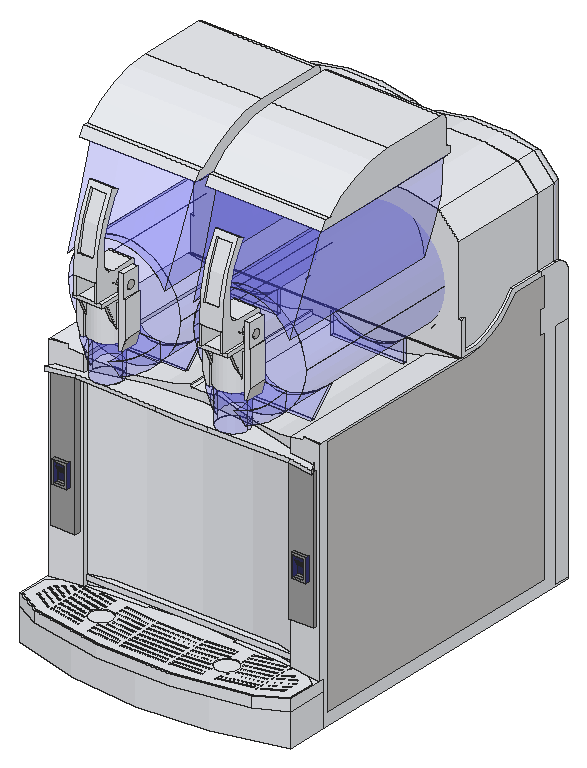
Revit family "QF_ELECTROLUXPROFESSIONAL_560051_NINA2ITNKUK", category Specialty Equipment, Revit 2018 (continued)
Automatic sketch dimensions
  Extrusion 11 sketch curve to Extrusion 11 sketch curve = 1.17 mm  (x2)
  Extrusion 11 sketch curve to Extrusion 11 sketch curve = 2.477 mm  (x2)
  Extrusion 11 sketch curve to Extrusion 11 sketch curve = 5.827 mm  (x2)
  Extrusion 11 sketch curve to Extrusion 11 sketch curve = 20.0 mm
  Extrusion 11 sketch curve to plane 12 = 92.565 mm  (x2)
  plane 8 "RIGHT" to Extrusion 12 sketch curve = 0.0 mm
  Extrusion 12 sketch curve to plane 3 "Center (Left/Right)" = 0.0 mm
  Extrusion 12 sketch curve to plane 7 "LEFT" = 0.0 mm
  plane 8 "RIGHT" to Extrusion 12 sketch curve = 3.0 mm
  plane 8 "RIGHT" to Extrusion 12 sketch curve = 23.451 mm
  plane 3 "Center (Left/Right)" to Extrusion 12 sketch curve = 65.0 mm
  plane 3 "Center (Left/Right)" to Extrusion 12 sketch curve = 13.451 mm
  Extrusion 12 sketch curve to plane 3 "Center (Left/Right)" = 13.451 mm
  Extrusion 12 sketch curve to plane 3 "Center (Left/Right)" = 65.0 mm
  plane 7 "LEFT" to Extrusion 12 sketch curve = 23.451 mm
  plane 7 "LEFT" to Extrusion 12 sketch curve = 3.0 mm
  plane 4 "FEET" to Extrusion 12 sketch curve = 205.938 mm
  Extrusion 12 sketch curve to Extrusion 12 sketch curve = 0.0 mm
  Extrusion 12 sketch curve to Extrusion 12 sketch curve = 35.215 mm
  Extrusion 12 sketch curve to Extrusion 12 sketch curve = 58.594 mm
  Extrusion 12 sketch curve to Extrusion 12 sketch curve = 58.604 mm
  Extrusion 12 sketch curve to Extrusion 12 sketch curve = 71.542 mm
  Extrusion 12 sketch curve to Extrusion 12 sketch curve = 71.552 mm
  Extrusion 12 sketch curve to plane 12 = 99.151 mm
  Extrusion 12 sketch curve to Extrusion 12 sketch curve = 5.164 mm
  Extrusion 12 sketch curve to Extrusion 12 sketch curve = 22.714 mm
  plane 8 "RIGHT" to Sweep 13 sketch curve = 0.0 mm
  Sweep 13 sketch curve to plane 3 "Center (Left/Right)" = 0.0 mm
  Sweep 13 sketch curve to plane 7 "LEFT" = 0.0 mm
  plane 8 "RIGHT" to Sweep 13 sketch curve = 3.0 mm
  plane 8 "RIGHT" to Sweep 13 sketch curve = 23.451 mm
  plane 3 "Center (Left/Right)" to Sweep 13 sketch curve = 65.0 mm
  plane 3 "Center (Left/Right)" to Sweep 13 sketch curve = 13.451 mm
  Sweep 13 sketch curve to plane 3 "Center (Left/Right)" = 13.451 mm
  Sweep 13 sketch curve to plane 3 "Center (Left/Right)" = 65.0 mm
  plane 7 "LEFT" to Sweep 13 sketch curve = 23.451 mm
  plane 7 "LEFT" to Sweep 13 sketch curve = 3.0 mm
  plane 4 "FEET" to Sweep 13 sketch curve = 205.938 mm
  Sweep 13 sketch curve to Sweep 13 sketch curve = 0.0 mm
  Sweep 13 sketch curve to Sweep 13 sketch curve = 93.809 mm
  Sweep 13 sketch curve to Sweep 13 sketch curve = 93.819 mm
  Sweep 13 sketch curve to Sweep 13 sketch curve = 71.552 mm
  Sweep 13 sketch curve to Sweep 13 sketch curve = 71.542 mm
  Sweep 13 sketch curve to plane 12 = 99.151 mm
  Sweep 13 sketch curve to Sweep 13 sketch curve = 5.164 mm  (x2)
  Sweep 13 sketch curve to profile plane = 0.0 mm
  plane 6 "BACK" to Sweep 13 sketch curve = 0.0 mm
  Sweep 13 sketch curve to Sweep 13 sketch curve = 14.0 mm
  plane 8 "RIGHT" to Extrusion 14 sketch curve = 26.817 mm
  Extrusion 14 sketch curve to Extrusion 14 sketch curve = 48.183 mm  (x2)
  plane 3 "Center (Left/Right)" to Extrusion 14 sketch curve = 16.817 mm
  Extrusion 14 sketch curve to plane 3 "Center (Left/Right)" = 16.817 mm
  plane 7 "LEFT" to Extrusion 14 sketch curve = 26.817 mm
  Extrusion 14 sketch curve to plane 12 = 241.012 mm
  Extrusion 14 sketch curve to Extrusion 14 sketch curve = 0.0 mm
  Extrusion 14 sketch curve to Extrusion 14 sketch curve = 18.033 mm  (x2)
  Extrusion 14 sketch curve to Extrusion 14 sketch curve = 90.124 mm  (x2)
  plane 8 "RIGHT" to Extrusion 15 sketch curve = 0.0 mm
  Extrusion 15 sketch curve to plane 7 "LEFT" = 0.0 mm
  plane 3 "Center (Left/Right)" to Extrusion 15 sketch curve = 56.141 mm
  Extrusion 15 sketch curve to plane 3 "Center (Left/Right)" = 56.141 mm
  plane 4 "FEET" to Extrusion 15 sketch curve = 2.0 mm  (x2)
  Extrusion 15 sketch curve to Extrusion 15 sketch curve = 28.419 mm
  Extrusion 15 sketch curve to Extrusion 15 sketch curve = 210.734 mm
  Extrusion 16 sketch curve to plane 9 = 72.46 mm
  Extrusion 16 sketch curve to plane 9 = 69.326 mm
  Extrusion 16 sketch curve to plane 9 = 8.015 mm
  plane 9 to Extrusion 16 sketch curve = 30.0 mm
  Extrusion 16 sketch curve to plane 12 = 225.0 mm
  Extrusion 16 sketch curve to Extrusion 16 sketch curve = 31.747 mm
  plane 9 to Extrusion 17 sketch curve = 30.0 mm
  Extrusion 17 sketch curve to plane 9 = 8.015 mm
  Extrusion 17 sketch curve to plane 9 = 53.679 mm
  Extrusion 17 sketch curve to plane 9 = 69.326 mm
  Extrusion 17 sketch curve to plane 12 = 223.415 mm
  Extrusion 17 sketch curve to Extrusion 17 sketch curve = 30.162 mm
  Extrusion 18 sketch curve to plane 9 = 72.418 mm
  Extrusion 18 sketch curve to plane 9 = 69.326 mm
  Extrusion 18 sketch curve to Extrusion 18 sketch curve = 6.226 mm
  Extrusion 18 sketch curve to Extrusion 18 sketch curve = 14.345 mm
  plane 9 to Extrusion 18 sketch curve = 30.0 mm
  Extrusion 18 sketch curve to plane 12 = 150.078 mm
  Extrusion 18 sketch curve to Extrusion 18 sketch curve = 72.922 mm
  Extrusion 18 sketch curve to Extrusion 18 sketch curve = 5.0 mm
  Extrusion 19 sketch curve to Extrusion 19 sketch curve = 0.0 mm  (x2)
  plane 4 "FEET" to Extrusion 19 sketch curve = 12.0 mm
  plane 9 to Extrusion 19 sketch curve = 30.0 mm
  Extrusion 19 sketch curve to plane 9 = 8.015 mm
  Extrusion 19 sketch curve to plane 9 = 66.192 mm
  Extrusion 19 sketch curve to plane 9 = 69.326 mm
  plane 10 to Extrusion 19 sketch curve = 20.0 mm
  Extrusion 19 sketch curve to plane 12 = 225.0 mm
  Extrusion 19 sketch curve to Extrusion 19 sketch curve = 31.747 mm
  Extrusion 19 sketch curve to Extrusion 19 sketch curve = 14.345 mm
  plane 8 "RIGHT" to Extrusion 20 sketch curve = 0.0 mm
  Extrusion 20 sketch curve to plane 3 "Center (Left/Right)" = 0.0 mm
  Extrusion 20 sketch curve to plane 7 "LEFT" = 0.0 mm
  Extrusion 20 sketch curve to Extrusion 20 sketch curve = 3.0 mm
  plane 8 "RIGHT" to Extrusion 20 sketch curve = 23.451 mm
  plane 3 "Center (Left/Right)" to Extrusion 20 sketch curve = 65.0 mm
  plane 3 "Center (Left/Right)" to Extrusion 20 sketch curve = 13.451 mm
  Extrusion 20 sketch curve to plane 3 "Center (Left/Right)" = 13.451 mm
  Extrusion 20 sketch curve to plane 3 "Center (Left/Right)" = 65.0 mm
  plane 7 "LEFT" to Extrusion 20 sketch curve = 23.451 mm
  plane 7 "LEFT" to Extrusion 20 sketch curve = 3.0 mm
  plane 4 "FEET" to Extrusion 20 sketch curve = 205.938 mm
  Extrusion 20 sketch curve to Extrusion 20 sketch curve = 0.0 mm
  Extrusion 20 sketch curve to Extrusion 20 sketch curve = 59.062 mm
  Extrusion 20 sketch curve to Extrusion 20 sketch curve = 34.747 mm
  Extrusion 20 sketch curve to Extrusion 20 sketch curve = 34.757 mm
  Extrusion 20 sketch curve to Extrusion 20 sketch curve = 71.542 mm
  Extrusion 20 sketch curve to Extrusion 20 sketch curve = 71.552 mm
  Extrusion 20 sketch curve to plane 12 = 108.927 mm
  Extrusion 20 sketch curve to Extrusion 20 sketch curve = 22.714 mm  (x2)
  plane 10 to Extrusion 21 sketch curve = 4.147 mm
  Extrusion 21 sketch curve to Extrusion 21 sketch curve = 3.308 mm
  Extrusion 21 sketch curve to Extrusion 21 sketch curve = 0.157 mm
  Extrusion 21 sketch curve to Extrusion 21 sketch curve = 2.546 mm
  plane 4 "FEET" to Extrusion 21 sketch curve = 140.394 mm
  Extrusion 21 sketch curve to Extrusion 21 sketch curve = 7.648 mm
  Extrusion 21 sketch curve to Extrusion 21 sketch curve = 2.987 mm
  Extrusion 21 sketch curve to Extrusion 21 sketch curve = 3.069 mm
  plane 8 "RIGHT" to Extrusion 23 sketch curve = 33.046 mm
  plane 7 "LEFT" to Extrusion 23 sketch curve = 33.046 mm
  plane 4 "FEET" to Extrusion 23 sketch curve = 50.037 mm
  Extrusion 23 sketch curve to Extrusion 23 sketch curve = 5.468 mm
  Extrusion 25 sketch curve to Extrusion 25 sketch curve = 0.0 mm  (x8237)
  Extrusion 25 sketch curve to plane 3 "Center (Left/Right)" = 0.0 mm  (x2)
  Extrusion 25 sketch curve to plane 3 "Center (Left/Right)" = 23.123 mm  (x2)
  Extrusion 25 sketch curve to plane 10 = 2.831 mm
  Extrusion 25 sketch curve to Extrusion 25 sketch curve = 3.819 mm  (x18)
  Extrusion 25 sketch curve to plane 10 = 0.587 mm  (x2)
  Extrusion 25 sketch curve to Extrusion 25 sketch curve = 18.011 mm  (x2)
  Extrusion 25 sketch curve to Extrusion 25 sketch curve = 24.069 mm  (x2)
  Extrusion 25 sketch curve to Extrusion 25 sketch curve = 1.988 mm  (x2)
  Extrusion 25 sketch curve to Extrusion 25 sketch curve = 5.672 mm  (x2)
  Extrusion 25 sketch curve to plane 10 = 5.236 mm
  Extrusion 25 sketch curve to Extrusion 25 sketch curve = 7.661 mm
  plane 10 to Extrusion 25 sketch curve = 0.828 mm
  Extrusion 25 sketch curve to Extrusion 25 sketch curve = 6.328 mm  (x2)
  Extrusion 25 sketch curve to Extrusion 25 sketch curve = 12.655 mm  (x4)
  Extrusion 25 sketch curve to plane 10 = 1.151 mm  (x2)
  Extrusion 25 sketch curve to Extrusion 25 sketch curve = 2.84 mm  (x2)
  Extrusion 25 sketch curve to Extrusion 25 sketch curve = 3.896 mm  (x2)
  Extrusion 25 sketch curve to Extrusion 25 sketch curve = 3.69 mm  (x2)
  Extrusion 25 sketch curve to Extrusion 25 sketch curve = 2.634 mm  (x2)
  Extrusion 25 sketch curve to Extrusion 25 sketch curve = 17.479 mm  (x2)
  Extrusion 25 sketch curve to Extrusion 25 sketch curve = 15.901 mm  (x2)
  Extrusion 25 sketch curve to Extrusion 25 sketch curve = 26.85 mm
  Extrusion 25 sketch curve to plane 10 = 1.967 mm
  Extrusion 25 sketch curve to plane 10 = 1.645 mm  (x2)
  Extrusion 25 sketch curve to Extrusion 25 sketch curve = 2.653 mm  (x14)
  plane 10 to Extrusion 25 sketch curve = 2.928 mm  (x2)
  Extrusion 25 sketch curve to plane 10 = 8.505 mm
  plane 10 to Extrusion 25 sketch curve = 12.867 mm  (x2)
  Extrusion 25 sketch curve to Extrusion 25 sketch curve = 1.429 mm  (x2)
  plane 10 to Extrusion 25 sketch curve = 11.52 mm  (x2)
  Extrusion 25 sketch curve to Extrusion 25 sketch curve = 1.695 mm  (x8)
  plane 5 "FRONT" to Extrusion 25 sketch curve = 16.02 mm  (x2)
  Extrusion 25 sketch curve to Extrusion 25 sketch curve = 4.196 mm
  plane 10 to Extrusion 25 sketch curve = 8.825 mm  (x2)
  Extrusion 25 sketch curve to Extrusion 25 sketch curve = 3.389 mm  (x6)
  plane 10 to Extrusion 25 sketch curve = 7.478 mm  (x2)
  plane 10 to Extrusion 25 sketch curve = 4.783 mm  (x2)
  plane 10 to Extrusion 25 sketch curve = 3.436 mm  (x2)
  Extrusion 25 sketch curve to Extrusion 25 sketch curve = 7.773 mm  (x2)
  plane 10 to Extrusion 25 sketch curve = 0.741 mm  (x2)
  Extrusion 25 sketch curve to plane 10 = 0.606 mm  (x2)
  Extrusion 25 sketch curve to Extrusion 25 sketch curve = 2.264 mm  (x2)
  plane 7 "LEFT" to Extrusion 25 sketch curve = 2.0 mm
  Extrusion 25 sketch curve to plane 10 = 8.841 mm
  plane 3 "Center (Left/Right)" to Extrusion 25 sketch curve = 23.123 mm
  plane 10 to Extrusion 25 sketch curve = 5.183 mm
  Extrusion 25 sketch curve to plane 10 = 0.827 mm
  plane 10 to Extrusion 25 sketch curve = 8.918 mm
  Extrusion 25 sketch curve to Extrusion 25 sketch curve = 13.718 mm
  plane 10 to Extrusion 25 sketch curve = 2.85 mm
  plane 10 to Extrusion 25 sketch curve = 2.914 mm  (x2)
  Extrusion 25 sketch curve to plane 10 = 3.183 mm
  plane 10 to Extrusion 25 sketch curve = 0.101 mm
  Extrusion 25 sketch curve to plane 10 = 10.792 mm
  plane 8 "RIGHT" to Extrusion 25 sketch curve = 12.0 mm
  plane 8 "RIGHT" to Extrusion 25 sketch curve = 2.0 mm
  plane 5 "FRONT" to Extrusion 25 sketch curve = 15.922 mm  (x2)
  Extrusion 25 sketch curve to Extrusion 25 sketch curve = 2.004 mm  (x14)
  Extrusion 25 sketch curve to Extrusion 25 sketch curve = 0.218 mm
  Extrusion 25 sketch curve to Extrusion 25 sketch curve = 2.003 mm  (x8)
  Extrusion 25 sketch curve to plane 5 "FRONT" = 230.366 mm
  Extrusion 25 sketch curve to Extrusion 25 sketch curve = 3.004 mm
  Extrusion 25 sketch curve to Extrusion 25 sketch curve = 0.131 mm  (x2)
  Extrusion 25 sketch curve to Extrusion 25 sketch curve = 3.006 mm  (x2)
  Extrusion 25 sketch curve to Extrusion 25 sketch curve = 2.027 mm  (x4)
  Extrusion 25 sketch curve to Extrusion 25 sketch curve = 3.041 mm  (x2)
  Extrusion 25 sketch curve to Extrusion 25 sketch curve = 4.006 mm  (x4)
  Extrusion 25 sketch curve to Extrusion 25 sketch curve = 0.223 mm  (x2)
  Extrusion 25 sketch curve to Extrusion 25 sketch curve = 0.512 mm  (x2)
  Extrusion 25 sketch curve to Extrusion 25 sketch curve = 2.287 mm  (x17)
  Extrusion 25 sketch curve to Extrusion 25 sketch curve = 4.543 mm  (x2)
  Extrusion 25 sketch curve to Extrusion 25 sketch curve = 0.226 mm  (x2)
  Extrusion 25 sketch curve to plane 10 = 25.822 mm  (x2)
  Extrusion 25 sketch curve to Extrusion 25 sketch curve = 2.031 mm  (x2)
  Extrusion 25 sketch curve to Extrusion 25 sketch curve = 0.162 mm  (x2)
  Extrusion 25 sketch curve to Extrusion 25 sketch curve = 0.229 mm  (x2)
  Extrusion 25 sketch curve to Extrusion 25 sketch curve = 4.735 mm  (x2)
  Extrusion 25 sketch curve to Extrusion 25 sketch curve = 5.89 mm  (x2)
  Extrusion 25 sketch curve to Extrusion 25 sketch curve = 2.035 mm  (x2)
  Extrusion 25 sketch curve to Extrusion 25 sketch curve = 0.837 mm  (x2)
  Extrusion 25 sketch curve to Extrusion 25 sketch curve = 10.71 mm
  Extrusion 25 sketch curve to Extrusion 25 sketch curve = 9.076 mm
  Extrusion 25 sketch curve to Extrusion 25 sketch curve = 0.233 mm  (x2)
  Extrusion 25 sketch curve to Extrusion 25 sketch curve = 4.071 mm  (x2)
  Extrusion 25 sketch curve to Extrusion 25 sketch curve = 4.573 mm  (x4)
  Extrusion 25 sketch curve to Extrusion 25 sketch curve = 2.036 mm  (x2)
  Extrusion 25 sketch curve to Extrusion 25 sketch curve = 0.236 mm
  Extrusion 25 sketch curve to Extrusion 25 sketch curve = 2.034 mm  (x4)
  Extrusion 25 sketch curve to Extrusion 25 sketch curve = 1.965 mm
  Extrusion 25 sketch curve to Extrusion 25 sketch curve = 2.032 mm
  Extrusion 25 sketch curve to Extrusion 25 sketch curve = 2.005 mm  (x3)
  plane 10 to Extrusion 25 sketch curve = 2.419 mm  (x2)
  plane 10 to Extrusion 25 sketch curve = 3.423 mm
  Extrusion 25 sketch curve to Extrusion 25 sketch curve = 2.033 mm  (x2)
  Extrusion 25 sketch curve to Extrusion 25 sketch curve = 4.067 mm  (x2)
  Extrusion 25 sketch curve to Extrusion 25 sketch curve = 0.665 mm  (x2)
  Extrusion 25 sketch curve to Extrusion 25 sketch curve = 0.792 mm  (x2)
  Extrusion 25 sketch curve to Extrusion 25 sketch curve = 6.595 mm  (x2)
  Extrusion 25 sketch curve to Extrusion 25 sketch curve = 8.988 mm
  Extrusion 25 sketch curve to Extrusion 25 sketch curve = 9.498 mm
  Extrusion 25 sketch curve to Extrusion 25 sketch curve = 2.536 mm
  Extrusion 26 sketch curve to plane 6 "BACK" = 0.0 mm
  plane 7 "LEFT" to Extrusion 26 sketch curve = 30.0 mm
  Extrusion 26 sketch curve to plane 3 "Center (Left/Right)" = 25.251 mm
  plane 3 "Center (Left/Right)" to Extrusion 26 sketch curve = 25.251 mm
  plane 8 "RIGHT" to Extrusion 26 sketch curve = 30.0 mm
  Extrusion 26 sketch curve to plane 6 "BACK" = 24.749 mm  (x2)
  Extrusion 26 sketch curve to Extrusion 26 sketch curve = 10.251 mm
  Extrusion 27 sketch curve to plane 3 "Center (Left/Right)" = 0.0 mm
  plane 4 "FEET" to Extrusion 27 sketch curve = 15.877 mm
  Extrusion 28 sketch curve to plane 7 "LEFT" = 4.096 mm
  Extrusion 28 sketch curve to Extrusion 28 sketch curve = 25.0 mm
  Extrusion 28 sketch curve to plane 4 "FEET" = 94.631 mm
  Extrusion 28 sketch curve to Extrusion 28 sketch curve = 145.0 mm
  Split face 1 sketch curve to Extrusion 28 = 6.447 mm
  Split face 1 sketch curve to Split face 1 sketch curve = 3.978 mm  (x5)
  Split face 1 sketch curve to Split face 1 sketch curve = 0.0 mm  (x2)
  Split face 1 sketch curve to Split face 1 sketch curve = 2.532 mm  (x3)
  Split face 1 sketch curve to Extrusion 28 = 22.468 mm
  Split face 2 sketch curve to Extrusion 28 = 6.447 mm
  Split face 2 sketch curve to Extrusion 28 = 8.065 mm
  Split face 2 sketch curve to Extrusion 28 = 30.309 mm
  Split face 2 sketch curve to Split face 2 sketch curve = 2.532 mm
  Split face 3 sketch curve to Extrusion 28 = 8.617 mm
  Split face 3 sketch curve to Split face 3 sketch curve = 5.967 mm
  Split face 3 sketch curve to Extrusion 28 = 29.43 mm
  Split face 3 sketch curve to Split face 3 sketch curve = 2.441 mm
  Split face 4 sketch curve to Extrusion 28 = 8.617 mm
  Split face 4 sketch curve to Split face 4 sketch curve = 5.967 mm
  Split face 4 sketch curve to Extrusion 28 = 32.956 mm
  Split face 4 sketch curve to Split face 4 sketch curve = 2.441 mm
  Split face 5 sketch curve to Extrusion 28 = 8.617 mm
  Split face 5 sketch curve to Split face 5 sketch curve = 5.967 mm
  Split face 5 sketch curve to Extrusion 28 = 36.392 mm
  Split face 5 sketch curve to Split face 5 sketch curve = 2.441 mm
  Split face 6 sketch curve to Extrusion 28 = 8.617 mm
  Split face 6 sketch curve to Split face 6 sketch curve = 5.967 mm
  Split face 6 sketch curve to Extrusion 28 = 39.918 mm
  Split face 6 sketch curve to Split face 6 sketch curve = 2.441 mm
  Split face 7 sketch curve to Extrusion 28 = 8.617 mm
  Split face 7 sketch curve to Split face 7 sketch curve = 5.967 mm
  Split face 7 sketch curve to Extrusion 28 = 43.43 mm
  Split face 7 sketch curve to Split face 7 sketch curve = 2.441 mm
  Split face 8 sketch curve to Extrusion 28 = 8.617 mm
  Split face 8 sketch curve to Split face 8 sketch curve = 5.967 mm
  Split face 8 sketch curve to Extrusion 28 = 46.956 mm
  Split face 8 sketch curve to Split face 8 sketch curve = 2.441 mm
  Split face 9 sketch curve to Extrusion 28 = 8.617 mm
  Split face 9 sketch curve to Split face 9 sketch curve = 5.967 mm
  Split face 9 sketch curve to Extrusion 28 = 50.392 mm
  Split face 9 sketch curve to Split face 9 sketch curve = 2.441 mm
  Split face 10 sketch curve to Extrusion 28 = 8.617 mm
  Split face 10 sketch curve to Split face 10 sketch curve = 5.967 mm
  Split face 10 sketch curve to Extrusion 28 = 53.918 mm
  Split face 10 sketch curve to Split face 10 sketch curve = 2.441 mm
  Extrusion 29 sketch curve to plane 7 "LEFT" = 8.743 mm
  Extrusion 29 sketch curve to Extrusion 29 sketch curve = 2.0 mm  (x4)
  Extrusion 29 sketch curve to Extrusion 29 sketch curve = 11.0 mm
  Extrusion 29 sketch curve to plane 4 "FEET" = 136.212 mm
  Extrusion 29 sketch curve to Extrusion 29 sketch curve = 19.822 mm
  plane 10 to Extrusion 30 sketch curve = 4.147 mm
  Extrusion 30 sketch curve to Extrusion 30 sketch curve = 3.308 mm
  Extrusion 30 sketch curve to Extrusion 30 sketch curve = 0.157 mm
  Extrusion 30 sketch curve to Extrusion 30 sketch curve = 2.546 mm
  plane 4 "FEET" to Extrusion 30 sketch curve = 154.994 mm
  Extrusion 30 sketch curve to Extrusion 30 sketch curve = 0.896 mm
  Extrusion 30 sketch curve to Extrusion 30 sketch curve = 2.987 mm
  Extrusion 30 sketch curve to Extrusion 30 sketch curve = 7.648 mm
  plane 8 "RIGHT" to Extrusion 31 sketch curve = 4.096 mm
  Extrusion 31 sketch curve to Extrusion 31 sketch curve = 25.0 mm
  plane 4 "FEET" to Extrusion 31 sketch curve = 94.631 mm
  Extrusion 31 sketch curve to Extrusion 31 sketch curve = 145.0 mm
  Split face 11 sketch curve to Extrusion 31 = 6.447 mm
  Split face 11 sketch curve to Split face 11 sketch curve = 3.978 mm  (x5)
  Split face 11 sketch curve to Split face 11 sketch curve = 0.0 mm  (x2)
  Split face 11 sketch curve to Split face 11 sketch curve = 2.532 mm  (x3)
  Split face 11 sketch curve to Extrusion 31 = 22.468 mm
  Split face 12 sketch curve to Extrusion 31 = 6.447 mm
  Split face 12 sketch curve to Extrusion 31 = 8.065 mm
  Split face 12 sketch curve to Extrusion 31 = 30.309 mm
  Split face 12 sketch curve to Split face 12 sketch curve = 2.532 mm
  Split face 13 sketch curve to Extrusion 31 = 8.617 mm
  Split face 13 sketch curve to Split face 13 sketch curve = 5.967 mm
  Split face 13 sketch curve to Extrusion 31 = 29.43 mm
  Split face 13 sketch curve to Split face 13 sketch curve = 2.441 mm
  Split face 14 sketch curve to Extrusion 31 = 8.617 mm
  Split face 14 sketch curve to Split face 14 sketch curve = 5.967 mm
  Split face 14 sketch curve to Extrusion 31 = 32.956 mm
  Split face 14 sketch curve to Split face 14 sketch curve = 2.441 mm
  Split face 15 sketch curve to Extrusion 31 = 8.617 mm
  Split face 15 sketch curve to Split face 15 sketch curve = 5.967 mm
  Split face 15 sketch curve to Extrusion 31 = 36.392 mm
  Split face 15 sketch curve to Split face 15 sketch curve = 2.441 mm
  Split face 16 sketch curve to Extrusion 31 = 8.617 mm
  Split face 16 sketch curve to Split face 16 sketch curve = 5.967 mm
  Split face 16 sketch curve to Extrusion 31 = 39.918 mm
  Split face 16 sketch curve to Split face 16 sketch curve = 2.441 mm
  Split face 17 sketch curve to Extrusion 31 = 8.617 mm
  Split face 17 sketch curve to Split face 17 sketch curve = 5.967 mm
  Split face 17 sketch curve to Extrusion 31 = 43.43 mm
  Split face 17 sketch curve to Split face 17 sketch curve = 2.441 mm
  Split face 18 sketch curve to Extrusion 31 = 8.617 mm
  Split face 18 sketch curve to Split face 18 sketch curve = 5.967 mm
  Split face 18 sketch curve to Extrusion 31 = 46.956 mm
  Split face 18 sketch curve to Split face 18 sketch curve = 2.441 mm
  Split face 19 sketch curve to Extrusion 31 = 8.617 mm
  Split face 19 sketch curve to Split face 19 sketch curve = 5.967 mm
  Split face 19 sketch curve to Extrusion 31 = 50.392 mm
  Split face 19 sketch curve to Split face 19 sketch curve = 2.441 mm
  Split face 20 sketch curve to Extrusion 31 = 8.617 mm
  Split face 20 sketch curve to Split face 20 sketch curve = 5.967 mm
  Split face 20 sketch curve to Extrusion 31 = 53.918 mm
  Split face 20 sketch curve to Split face 20 sketch curve = 2.441 mm
  plane 8 "RIGHT" to Extrusion 32 sketch curve = 8.743 mm
  Extrusion 32 sketch curve to Extrusion 32 sketch curve = 2.0 mm  (x4)
  Extrusion 32 sketch curve to Extrusion 32 sketch curve = 11.0 mm
  plane 4 "FEET" to Extrusion 32 sketch curve = 136.212 mm
  Extrusion 32 sketch curve to Extrusion 32 sketch curve = 19.822 mm
  Extrusion 33 sketch curve to Extrusion 33 sketch curve = 0.0 mm  (x2)
  plane 4 "FEET" to Extrusion 33 sketch curve = 12.0 mm
  plane 9 to Extrusion 33 sketch curve = 30.0 mm
  Extrusion 33 sketch curve to plane 9 = 4.783 mm
  Extrusion 33 sketch curve to plane 9 = 66.192 mm
  Extrusion 33 sketch curve to plane 9 = 69.326 mm
  plane 10 to Extrusion 33 sketch curve = 20.0 mm
  Extrusion 33 sketch curve to plane 12 = 225.0 mm
  Extrusion 33 sketch curve to Extrusion 33 sketch curve = 36.747 mm
  Extrusion 33 sketch curve to Extrusion 33 sketch curve = 14.345 mm
  Extrusion 34 sketch curve to plane 9 = 8.356 mm
  Extrusion 34 sketch curve to plane 9 = 69.326 mm
  Extrusion 34 sketch curve to Extrusion 34 sketch curve = 3.092 mm
  Extrusion 34 sketch curve to plane 12 = 219.997 mm
  Extrusion 34 sketch curve to Extrusion 34 sketch curve = 35.554 mm
  plane 4 "FEET" to Extrusion 35 sketch curve = 12.0 mm
  plane 9 to Extrusion 35 sketch curve = 30.0 mm
  Extrusion 35 sketch curve to plane 9 = 51.847 mm
  Extrusion 35 sketch curve to Extrusion 35 sketch curve = 14.345 mm
  Extrusion 35 sketch curve to plane 9 = 69.326 mm
  plane 10 to Extrusion 35 sketch curve = 20.0 mm
  Extrusion 35 sketch curve to plane 12 = 225.0 mm
  Extrusion 35 sketch curve to Extrusion 35 sketch curve = 2.0 mm
  Extrusion 36 sketch curve to plane 9 = 8.356 mm
  Extrusion 36 sketch curve to plane 9 = 69.326 mm
  Extrusion 36 sketch curve to Extrusion 36 sketch curve = 3.092 mm
  Extrusion 36 sketch curve to plane 12 = 150.078 mm
  Extrusion 36 sketch curve to Extrusion 36 sketch curve = 34.365 mm
  Extrusion 37 sketch curve to plane 9 = 69.326 mm
  Extrusion 37 sketch curve to plane 9 = 51.847 mm
  Extrusion 37 sketch curve to plane 9 = 8.015 mm
  plane 9 to Extrusion 37 sketch curve = 30.0 mm
  Extrusion 37 sketch curve to plane 12 = 223.0 mm
  Extrusion 37 sketch curve to Extrusion 37 sketch curve = 29.747 mm
  plane 10 to Extrusion 38 sketch curve = 20.0 mm
  Extrusion 38 sketch curve to plane 9 = 69.326 mm
  Extrusion 38 sketch curve to plane 9 = 66.192 mm
  Extrusion 38 sketch curve to plane 9 = 8.015 mm
  plane 9 to Extrusion 38 sketch curve = 30.0 mm
  plane 4 "FEET" to Extrusion 38 sketch curve = 12.0 mm
  Extrusion 38 sketch curve to plane 12 = 225.0 mm
  Extrusion 38 sketch curve to Extrusion 38 sketch curve = 31.747 mm
  Extrusion 39 sketch curve to plane 3 "Center (Left/Right)" = 0.0 mm  (x2)
  plane 10 to Extrusion 39 sketch curve = 5.427 mm  (x2)
  Extrusion 39 sketch curve to plane 3 "Center (Left/Right)" = 26.943 mm
  plane 7 "LEFT" to Extrusion 39 sketch curve = 33.046 mm
  plane 10 to Extrusion 39 sketch curve = 7.5 mm  (x2)
  Extrusion 39 sketch curve to Extrusion 39 sketch curve = 3.95 mm  (x2)
  plane 7 "LEFT" to Extrusion 39 sketch curve = 10.082 mm
  plane 7 "LEFT" to Extrusion 39 sketch curve = 2.0 mm
  plane 8 "RIGHT" to Extrusion 39 sketch curve = 33.046 mm
  plane 8 "RIGHT" to Extrusion 39 sketch curve = 10.082 mm
  plane 8 "RIGHT" to Extrusion 39 sketch curve = 2.0 mm
  plane 10 to Extrusion 39 sketch curve = 2.419 mm  (x2)
  Extrusion 39 sketch curve to plane 5 "FRONT" = 230.366 mm
  Extrusion 39 sketch curve to Extrusion 39 sketch curve = 13.998 mm  (x2)
  Extrusion 39 sketch curve to Extrusion 39 sketch curve = 12.144 mm  (x2)
  Extrusion 39 sketch curve to Extrusion 39 sketch curve = 3.029 mm
  Extrusion 39 sketch curve to plane 9 = 15.14 mm
  Extrusion 40 sketch curve to plane 7 "LEFT" = 0.0 mm
  Extrusion 40 sketch curve to plane 3 "Center (Left/Right)" = 0.0 mm  (x2)
  Extrusion 40 sketch curve to plane 8 "RIGHT" = 0.0 mm
  plane 5 "FRONT" to Extrusion 40 sketch curve = 14.146 mm  (x2)
  plane 7 "LEFT" to Extrusion 40 sketch curve = 27.699 mm
  plane 7 "LEFT" to Extrusion 40 sketch curve = 33.046 mm
  plane 8 "RIGHT" to Extrusion 40 sketch curve = 33.046 mm
  Extrusion 40 sketch curve to plane 5 "FRONT" = 230.366 mm
  Extrusion 40 sketch curve to plane 10 = 27.0 mm  (x2)
  plane 10 to Extrusion 40 sketch curve = 15.0 mm  (x2)
  plane 10 to Extrusion 40 sketch curve = 19.644 mm  (x2)
  Extrusion 40 sketch curve to Extrusion 40 sketch curve = 3.029 mm
  plane 6 "BACK" to Extrusion 40 sketch curve = 65.331 mm
  Extrusion 24 sketch curve to plane 3 "Center (Left/Right)" = 0.0 mm  (x2)
  plane 7 "LEFT" to Extrusion 24 sketch curve = 35.046 mm
  plane 7 "LEFT" to Extrusion 24 sketch curve = 30.675 mm
  plane 8 "RIGHT" to Extrusion 24 sketch curve = 35.046 mm
  plane 8 "RIGHT" to Extrusion 24 sketch curve = 30.675 mm
  Extrusion 24 sketch curve to plane 5 "FRONT" = 230.366 mm
  plane 5 "FRONT" to Extrusion 24 sketch curve = 21.644 mm
  plane 10 to Extrusion 24 sketch curve = 13.261 mm  (x2)
  plane 10 to Extrusion 24 sketch curve = 17.906 mm  (x2)
  Extrusion 24 sketch curve to Extrusion 24 sketch curve = 3.046 mm
  plane 6 "BACK" to Extrusion 24 sketch curve = 65.331 mm
  plane 8 "RIGHT" to Extrusion 24 sketch curve = 2.0 mm
  Extrusion 24 sketch curve to plane 10 = 18.962 mm  (x2)
  plane 7 "LEFT" to Extrusion 24 sketch curve = 2.0 mm
  Extrusion 22 sketch curve to plane 7 "LEFT" = 0.0 mm
  Extrusion 22 sketch curve to plane 3 "Center (Left/Right)" = 0.0 mm  (x2)
  Extrusion 22 sketch curve to plane 8 "RIGHT" = 0.0 mm
  plane 7 "LEFT" to Extrusion 22 sketch curve = 33.046 mm
  plane 8 "RIGHT" to Extrusion 22 sketch curve = 33.046 mm
  Extrusion 22 sketch curve to plane 5 "FRONT" = 230.366 mm
  plane 10 to Extrusion 22 sketch curve = 15.0 mm  (x2)
  plane 10 to Extrusion 22 sketch curve = 19.644 mm  (x2)
  Extrusion 22 sketch curve to Extrusion 22 sketch curve = 3.029 mm
  plane 6 "BACK" to Extrusion 22 sketch curve = 24.565 mm
  Extrusion 22 sketch curve to plane 10 = 27.0 mm
  curve 16 to curve 17 = 0.0 mm  (x2)
  curve 16 to curve 24 = 0.0 mm  (x2)
  curve 16 to curve 25 = 0.0 mm  (x2)
  curve 16 to curve 26 = 0.0 mm  (x2)
  curve 16 to curve 27 = 0.0 mm  (x2)
  curve 16 to curve 28 = 0.0 mm  (x2)
  curve 16 to curve 29 = 0.0 mm  (x2)
  curve 16 to curve 30 = 0.0 mm  (x2)
  curve 16 to curve 31 = 0.0 mm  (x2)
  curve 16 to curve 32 = 0.0 mm  (x2)
  curve 16 to curve 33 = 0.0 mm  (x2)
  curve 16 to curve 34 = 0.0 mm  (x2)
  curve 16 to curve 35 = 0.0 mm  (x2)
  curve 16 to curve 36 = 0.0 mm  (x2)
  curve 16 to curve 37 = 0.0 mm  (x2)
  curve 16 to curve 38 = 0.0 mm  (x2)
  curve 16 to curve 39 = 0.0 mm  (x2)
  curve 16 to curve 40 = 0.0 mm  (x2)
  curve 16 to curve 41 = 0.0 mm  (x2)
  curve 16 to curve 58 = 0.0 mm  (x2)
  curve 16 to curve 59 = 0.0 mm  (x2)
  curve 16 to curve 60 = 0.0 mm  (x2)
  curve 16 to curve 61 = 0.0 mm  (x2)
  curve 16 to curve 62 = 0.0 mm  (x2)
  curve 16 to curve 63 = 0.0 mm  (x2)
  curve 16 to curve 64 = 0.0 mm  (x2)
  curve 16 to curve 65 = 0.0 mm  (x2)
  curve 16 to curve 66 = 0.0 mm  (x2)
  curve 16 to curve 67 = 0.0 mm  (x2)
  curve 16 to curve 68 = 0.0 mm  (x2)
  curve 16 to curve 69 = 0.0 mm  (x2)
  curve 16 to curve 70 = 0.0 mm  (x2)
  curve 16 to curve 71 = 0.0 mm  (x2)
  curve 16 to curve 72 = 0.0 mm  (x2)
  curve 16 to curve 91 = 0.0 mm  (x2)
  curve 16 to curve 92 = 0.0 mm  (x2)
  curve 16 to curve 93 = 0.0 mm  (x2)
  curve 16 to curve 94 = 0.0 mm  (x2)
  curve 16 to curve 95 = 0.0 mm  (x2)
  curve 16 to curve 96 = 0.0 mm  (x2)
  curve 16 to curve 97 = 0.0 mm  (x2)
  curve 16 to curve 98 = 0.0 mm  (x2)
  curve 16 to curve 99 = 0.0 mm  (x2)
  curve 16 to curve 100 = 0.0 mm  (x2)
  curve 16 to curve 101 = 0.0 mm  (x2)
  curve 16 to curve 116 = 0.0 mm  (x2)
  curve 16 to curve 117 = 0.0 mm  (x2)
  curve 16 to curve 134 = 0.0 mm  (x2)
  curve 16 to curve 135 = 0.0 mm  (x2)
  curve 16 to curve 136 = 0.0 mm  (x2)
  curve 16 to curve 137 = 0.0 mm  (x2)
  curve 16 to curve 138 = 0.0 mm  (x2)
  curve 16 to curve 139 = 0.0 mm  (x2)
  curve 16 to curve 140 = 0.0 mm  (x2)
  curve 16 to curve 141 = 0.0 mm  (x2)
  curve 16 to curve 142 = 0.0 mm  (x2)
  curve 16 to curve 143 = 0.0 mm  (x2)
  curve 16 to curve 144 = 0.0 mm  (x2)
  curve 16 to curve 145 = 0.0 mm  (x2)
  curve 16 to curve 146 = 0.0 mm  (x2)
  curve 16 to curve 147 = 0.0 mm  (x2)
  curve 16 to curve 148 = 0.0 mm  (x2)
  curve 16 to curve 167 = 0.0 mm  (x2)
  curve 16 to curve 168 = 0.0 mm  (x2)
  curve 16 to curve 169 = 0.0 mm  (x2)
  curve 16 to curve 170 = 0.0 mm  (x2)
  curve 16 to curve 171 = 0.0 mm  (x2)
  curve 16 to curve 172 = 0.0 mm  (x2)
  curve 16 to curve 173 = 0.0 mm  (x2)
  curve 16 to curve 174 = 0.0 mm  (x2)
  curve 16 to curve 175 = 0.0 mm  (x2)
  curve 16 to curve 176 = 0.0 mm  (x2)
  curve 16 to curve 177 = 0.0 mm  (x2)
  curve 17 to curve 24 = 0.0 mm  (x2)
  curve 17 to curve 25 = 0.0 mm  (x2)
  curve 17 to curve 26 = 0.0 mm  (x2)
  curve 17 to curve 27 = 0.0 mm  (x2)
  curve 17 to curve 28 = 0.0 mm  (x2)
  curve 17 to curve 29 = 0.0 mm  (x2)
  curve 17 to curve 30 = 0.0 mm  (x2)
  curve 17 to curve 31 = 0.0 mm  (x2)
  curve 17 to curve 32 = 0.0 mm  (x2)
  curve 17 to curve 33 = 0.0 mm  (x2)
  curve 17 to curve 34 = 0.0 mm  (x2)
  curve 17 to curve 35 = 0.0 mm  (x2)
  curve 17 to curve 36 = 0.0 mm  (x2)
  curve 17 to curve 37 = 0.0 mm  (x2)
  curve 17 to curve 38 = 0.0 mm  (x2)
  curve 17 to curve 39 = 0.0 mm  (x2)
  curve 17 to curve 40 = 0.0 mm  (x2)
  curve 17 to curve 41 = 0.0 mm  (x2)
  curve 17 to curve 58 = 0.0 mm  (x2)
  curve 17 to curve 59 = 0.0 mm  (x2)
  curve 17 to curve 60 = 0.0 mm  (x2)
  curve 17 to curve 61 = 0.0 mm  (x2)
  curve 17 to curve 62 = 0.0 mm  (x2)
  curve 17 to curve 63 = 0.0 mm  (x2)
  curve 17 to curve 64 = 0.0 mm  (x2)
  curve 17 to curve 65 = 0.0 mm  (x2)
  curve 17 to curve 66 = 0.0 mm  (x2)
  curve 17 to curve 67 = 0.0 mm  (x2)
  curve 17 to curve 68 = 0.0 mm  (x2)
  curve 17 to curve 69 = 0.0 mm  (x2)
  curve 17 to curve 70 = 0.0 mm  (x2)
  curve 17 to curve 71 = 0.0 mm  (x2)
  curve 17 to curve 72 = 0.0 mm  (x2)
  curve 17 to curve 91 = 0.0 mm  (x2)
  curve 17 to curve 92 = 0.0 mm  (x2)
  curve 17 to curve 93 = 0.0 mm  (x2)
  curve 17 to curve 94 = 0.0 mm  (x2)
  curve 17 to curve 95 = 0.0 mm  (x2)
  curve 17 to curve 96 = 0.0 mm  (x2)
  curve 17 to curve 97 = 0.0 mm  (x2)
  curve 17 to curve 98 = 0.0 mm  (x2)
  curve 17 to curve 99 = 0.0 mm  (x2)
  curve 17 to curve 100 = 0.0 mm  (x2)
  curve 17 to curve 101 = 0.0 mm  (x2)
  curve 17 to curve 116 = 0.0 mm  (x2)
  curve 17 to curve 117 = 0.0 mm  (x2)
  curve 17 to curve 134 = 0.0 mm  (x2)
  curve 17 to curve 135 = 0.0 mm  (x2)
  curve 17 to curve 136 = 0.0 mm  (x2)
  curve 17 to curve 137 = 0.0 mm  (x2)
  curve 17 to curve 138 = 0.0 mm  (x2)
  curve 17 to curve 139 = 0.0 mm  (x2)
  curve 17 to curve 140 = 0.0 mm  (x2)
  curve 17 to curve 141 = 0.0 mm  (x2)
  curve 17 to curve 142 = 0.0 mm  (x2)
  curve 17 to curve 143 = 0.0 mm  (x2)
  curve 17 to curve 144 = 0.0 mm  (x2)
  curve 17 to curve 145 = 0.0 mm  (x2)
  curve 17 to curve 146 = 0.0 mm  (x2)
  curve 17 to curve 147 = 0.0 mm  (x2)
  curve 17 to curve 148 = 0.0 mm  (x2)
  curve 17 to curve 167 = 0.0 mm  (x2)
  curve 17 to curve 168 = 0.0 mm  (x2)
  curve 17 to curve 169 = 0.0 mm  (x2)
  curve 17 to curve 170 = 0.0 mm  (x2)
  curve 17 to curve 171 = 0.0 mm  (x2)
  curve 17 to curve 172 = 0.0 mm  (x2)
  curve 17 to curve 173 = 0.0 mm  (x2)
  curve 17 to curve 174 = 0.0 mm  (x2)
  curve 17 to curve 175 = 0.0 mm  (x2)
  curve 17 to curve 176 = 0.0 mm  (x2)
  curve 17 to curve 177 = 0.0 mm  (x2)
  curve 24 to curve 25 = 0.0 mm  (x2)
  curve 24 to curve 26 = 0.0 mm  (x2)
  curve 24 to curve 27 = 0.0 mm  (x2)
  curve 24 to curve 28 = 0.0 mm  (x2)
  curve 24 to curve 29 = 0.0 mm  (x2)
  curve 24 to curve 30 = 0.0 mm  (x2)
  curve 24 to curve 31 = 0.0 mm  (x2)
  curve 24 to curve 32 = 0.0 mm  (x2)
  curve 24 to curve 33 = 0.0 mm  (x2)
  curve 24 to curve 34 = 0.0 mm  (x2)
  curve 24 to curve 35 = 0.0 mm  (x2)
  curve 24 to curve 36 = 0.0 mm  (x2)
  curve 24 to curve 37 = 0.0 mm  (x2)
  curve 24 to curve 38 = 0.0 mm  (x2)
  curve 24 to curve 39 = 0.0 mm  (x2)
  curve 24 to curve 40 = 0.0 mm  (x2)
  curve 24 to curve 41 = 0.0 mm  (x2)
  curve 24 to curve 58 = 0.0 mm  (x2)
  curve 24 to curve 59 = 0.0 mm  (x2)
  curve 24 to curve 60 = 0.0 mm  (x2)
  curve 24 to curve 61 = 0.0 mm  (x2)
  curve 24 to curve 62 = 0.0 mm  (x2)
  curve 24 to curve 63 = 0.0 mm  (x2)
  curve 24 to curve 64 = 0.0 mm  (x2)
  curve 24 to curve 65 = 0.0 mm  (x2)
  curve 24 to curve 66 = 0.0 mm  (x2)
  curve 24 to curve 67 = 0.0 mm  (x2)
  curve 24 to curve 68 = 0.0 mm  (x2)
  curve 24 to curve 69 = 0.0 mm  (x2)
  curve 24 to curve 70 = 0.0 mm  (x2)
  curve 24 to curve 71 = 0.0 mm  (x2)
  curve 24 to curve 72 = 0.0 mm  (x2)
  curve 24 to curve 91 = 0.0 mm  (x2)
  curve 24 to curve 92 = 0.0 mm  (x2)
  curve 24 to curve 93 = 0.0 mm  (x2)
  curve 24 to curve 94 = 0.0 mm  (x2)
  curve 24 to curve 95 = 0.0 mm  (x2)
  curve 24 to curve 96 = 0.0 mm  (x2)
  curve 24 to curve 97 = 0.0 mm  (x2)
  curve 24 to curve 98 = 0.0 mm  (x2)
  curve 24 to curve 99 = 0.0 mm  (x2)
  curve 24 to curve 100 = 0.0 mm  (x2)
  curve 24 to curve 101 = 0.0 mm  (x2)
  curve 24 to curve 116 = 0.0 mm  (x2)
  curve 24 to curve 117 = 0.0 mm  (x2)
  curve 24 to curve 134 = 0.0 mm  (x2)
  curve 24 to curve 135 = 0.0 mm  (x2)
  curve 24 to curve 136 = 0.0 mm  (x2)
  curve 24 to curve 137 = 0.0 mm  (x2)
  curve 24 to curve 138 = 0.0 mm  (x2)
  curve 24 to curve 139 = 0.0 mm  (x2)
  curve 24 to curve 140 = 0.0 mm  (x2)
  curve 24 to curve 141 = 0.0 mm  (x2)
  curve 24 to curve 142 = 0.0 mm  (x2)
  curve 24 to curve 143 = 0.0 mm  (x2)
  curve 24 to curve 144 = 0.0 mm  (x2)
  curve 24 to curve 145 = 0.0 mm  (x2)
  curve 24 to curve 146 = 0.0 mm  (x2)
  curve 24 to curve 147 = 0.0 mm  (x2)
  curve 24 to curve 148 = 0.0 mm  (x2)
  curve 24 to curve 167 = 0.0 mm  (x2)
  curve 24 to curve 168 = 0.0 mm  (x2)
  curve 24 to curve 169 = 0.0 mm  (x2)
  curve 24 to curve 170 = 0.0 mm  (x2)
  curve 24 to curve 171 = 0.0 mm  (x2)
  curve 24 to curve 172 = 0.0 mm  (x2)
  curve 24 to curve 173 = 0.0 mm  (x2)
  curve 24 to curve 174 = 0.0 mm  (x2)
  curve 24 to curve 175 = 0.0 mm  (x2)
  curve 24 to curve 176 = 0.0 mm  (x2)
  curve 24 to curve 177 = 0.0 mm  (x2)
  curve 25 to curve 26 = 0.0 mm  (x2)
  curve 25 to curve 27 = 0.0 mm  (x2)
  curve 25 to curve 28 = 0.0 mm  (x2)
  curve 25 to curve 29 = 0.0 mm  (x2)
  curve 25 to curve 30 = 0.0 mm  (x2)
  curve 25 to curve 31 = 0.0 mm  (x2)
  curve 25 to curve 32 = 0.0 mm  (x2)
  curve 25 to curve 33 = 0.0 mm  (x2)
  curve 25 to curve 34 = 0.0 mm  (x2)
  curve 25 to curve 35 = 0.0 mm  (x2)
  curve 25 to curve 36 = 0.0 mm  (x2)
  curve 25 to curve 37 = 0.0 mm  (x2)
  curve 25 to curve 38 = 0.0 mm  (x2)
  curve 25 to curve 39 = 0.0 mm  (x2)
  curve 25 to curve 40 = 0.0 mm  (x2)
  curve 25 to curve 41 = 0.0 mm  (x2)
  curve 25 to curve 58 = 0.0 mm  (x2)
  curve 25 to curve 59 = 0.0 mm  (x2)
  curve 25 to curve 60 = 0.0 mm  (x2)
  curve 25 to curve 61 = 0.0 mm  (x2)
  curve 25 to curve 62 = 0.0 mm  (x2)
  curve 25 to curve 63 = 0.0 mm  (x2)
  curve 25 to curve 64 = 0.0 mm  (x2)
  curve 25 to curve 65 = 0.0 mm  (x2)
  curve 25 to curve 66 = 0.0 mm  (x2)
  curve 25 to curve 67 = 0.0 mm  (x2)
  curve 25 to curve 68 = 0.0 mm  (x2)
  curve 25 to curve 69 = 0.0 mm  (x2)
  curve 25 to curve 70 = 0.0 mm  (x2)
  curve 25 to curve 71 = 0.0 mm  (x2)
  curve 25 to curve 72 = 0.0 mm  (x2)
  curve 25 to curve 91 = 0.0 mm  (x2)
  curve 25 to curve 92 = 0.0 mm  (x2)
  curve 25 to curve 93 = 0.0 mm  (x2)
  curve 25 to curve 94 = 0.0 mm  (x2)
  curve 25 to curve 95 = 0.0 mm  (x2)
  curve 25 to curve 96 = 0.0 mm  (x2)
  curve 25 to curve 97 = 0.0 mm  (x2)
  curve 25 to curve 98 = 0.0 mm  (x2)
  curve 25 to curve 99 = 0.0 mm  (x2)
  curve 25 to curve 100 = 0.0 mm  (x2)
  curve 25 to curve 101 = 0.0 mm  (x2)
  curve 25 to curve 116 = 0.0 mm  (x2)
  curve 25 to curve 117 = 0.0 mm  (x2)
  curve 25 to curve 134 = 0.0 mm  (x2)
  curve 25 to curve 135 = 0.0 mm  (x2)
  curve 25 to curve 136 = 0.0 mm  (x2)
  curve 25 to curve 137 = 0.0 mm  (x2)
  curve 25 to curve 138 = 0.0 mm  (x2)
  curve 25 to curve 139 = 0.0 mm  (x2)
  curve 25 to curve 140 = 0.0 mm  (x2)
  curve 25 to curve 141 = 0.0 mm  (x2)
  curve 25 to curve 142 = 0.0 mm  (x2)
  curve 25 to curve 143 = 0.0 mm  (x2)
  curve 25 to curve 144 = 0.0 mm  (x2)
  curve 25 to curve 145 = 0.0 mm  (x2)
  curve 25 to curve 146 = 0.0 mm  (x2)
  curve 25 to curve 147 = 0.0 mm  (x2)
  curve 25 to curve 148 = 0.0 mm  (x2)
  curve 25 to curve 167 = 0.0 mm  (x2)
  curve 25 to curve 168 = 0.0 mm  (x2)
  curve 25 to curve 169 = 0.0 mm  (x2)
  curve 25 to curve 170 = 0.0 mm  (x2)
  curve 25 to curve 171 = 0.0 mm  (x2)
  curve 25 to curve 172 = 0.0 mm  (x2)
  curve 25 to curve 173 = 0.0 mm  (x2)
  curve 25 to curve 174 = 0.0 mm  (x2)
  curve 25 to curve 175 = 0.0 mm  (x2)
  curve 25 to curve 176 = 0.0 mm  (x2)
  curve 25 to curve 177 = 0.0 mm  (x2)
  curve 26 to curve 27 = 0.0 mm  (x2)
  curve 26 to curve 28 = 0.0 mm  (x2)
  curve 26 to curve 29 = 0.0 mm  (x2)
  curve 26 to curve 30 = 0.0 mm  (x2)
  curve 26 to curve 31 = 0.0 mm  (x2)
  curve 26 to curve 32 = 0.0 mm  (x2)
  curve 26 to curve 33 = 0.0 mm  (x2)
  curve 26 to curve 34 = 0.0 mm  (x2)
  curve 26 to curve 35 = 0.0 mm  (x2)
  curve 26 to curve 36 = 0.0 mm  (x2)
  curve 26 to curve 37 = 0.0 mm  (x2)
  curve 26 to curve 38 = 0.0 mm  (x2)
  curve 26 to curve 39 = 0.0 mm  (x2)
  curve 26 to curve 40 = 0.0 mm  (x2)
  curve 26 to curve 41 = 0.0 mm  (x2)
  curve 26 to curve 58 = 0.0 mm  (x2)
  curve 26 to curve 59 = 0.0 mm  (x2)
  curve 26 to curve 60 = 0.0 mm  (x2)
  curve 26 to curve 61 = 0.0 mm  (x2)
  curve 26 to curve 62 = 0.0 mm  (x2)
  curve 26 to curve 63 = 0.0 mm  (x2)
  curve 26 to curve 64 = 0.0 mm  (x2)
  curve 26 to curve 65 = 0.0 mm  (x2)
  curve 26 to curve 66 = 0.0 mm  (x2)
  curve 26 to curve 67 = 0.0 mm  (x2)
  curve 26 to curve 68 = 0.0 mm  (x2)
  curve 26 to curve 69 = 0.0 mm  (x2)
  curve 26 to curve 70 = 0.0 mm  (x2)
  curve 26 to curve 71 = 0.0 mm  (x2)
  curve 26 to curve 72 = 0.0 mm  (x2)
  curve 26 to curve 91 = 0.0 mm  (x2)
  curve 26 to curve 92 = 0.0 mm  (x2)
  curve 26 to curve 93 = 0.0 mm  (x2)
  curve 26 to curve 94 = 0.0 mm  (x2)
  curve 26 to curve 95 = 0.0 mm  (x2)
  curve 26 to curve 96 = 0.0 mm  (x2)
  curve 26 to curve 97 = 0.0 mm  (x2)
  curve 26 to curve 98 = 0.0 mm  (x2)
  curve 26 to curve 99 = 0.0 mm  (x2)
  curve 26 to curve 100 = 0.0 mm  (x2)
  curve 26 to curve 101 = 0.0 mm  (x2)
  curve 26 to curve 116 = 0.0 mm  (x2)
  curve 26 to curve 117 = 0.0 mm  (x2)
  curve 26 to curve 134 = 0.0 mm  (x2)
  curve 26 to curve 135 = 0.0 mm  (x2)
  curve 26 to curve 136 = 0.0 mm  (x2)
  curve 26 to curve 137 = 0.0 mm  (x2)
  curve 26 to curve 138 = 0.0 mm  (x2)
  curve 26 to curve 139 = 0.0 mm  (x2)
  curve 26 to curve 140 = 0.0 mm  (x2)
  curve 26 to curve 141 = 0.0 mm  (x2)
  curve 26 to curve 142 = 0.0 mm  (x2)
  curve 26 to curve 143 = 0.0 mm  (x2)
  curve 26 to curve 144 = 0.0 mm  (x2)
  curve 26 to curve 145 = 0.0 mm  (x2)
  curve 26 to curve 146 = 0.0 mm  (x2)
  curve 26 to curve 147 = 0.0 mm  (x2)
  curve 26 to curve 148 = 0.0 mm  (x2)
  curve 26 to curve 167 = 0.0 mm  (x2)
  curve 26 to curve 168 = 0.0 mm  (x2)
  curve 26 to curve 169 = 0.0 mm  (x2)
  curve 26 to curve 170 = 0.0 mm  (x2)
  curve 26 to curve 171 = 0.0 mm  (x2)
  curve 26 to curve 172 = 0.0 mm  (x2)
  curve 26 to curve 173 = 0.0 mm  (x2)
  curve 26 to curve 174 = 0.0 mm  (x2)
  curve 26 to curve 175 = 0.0 mm  (x2)
  curve 26 to curve 176 = 0.0 mm  (x2)
  curve 26 to curve 177 = 0.0 mm  (x2)
  curve 27 to curve 28 = 0.0 mm  (x2)
  curve 27 to curve 29 = 0.0 mm  (x2)
  curve 27 to curve 30 = 0.0 mm  (x2)
  curve 27 to curve 31 = 0.0 mm  (x2)
  curve 27 to curve 32 = 0.0 mm  (x2)
  curve 27 to curve 33 = 0.0 mm  (x2)
  curve 27 to curve 34 = 0.0 mm  (x2)
  curve 27 to curve 35 = 0.0 mm  (x2)
  curve 27 to curve 36 = 0.0 mm  (x2)
  curve 27 to curve 37 = 0.0 mm  (x2)
  curve 27 to curve 38 = 0.0 mm  (x2)
  curve 27 to curve 39 = 0.0 mm  (x2)
  curve 27 to curve 40 = 0.0 mm  (x2)
  curve 27 to curve 41 = 0.0 mm  (x2)
  curve 27 to curve 58 = 0.0 mm  (x2)
  curve 27 to curve 59 = 0.0 mm  (x2)
  curve 27 to curve 60 = 0.0 mm  (x2)
  curve 27 to curve 61 = 0.0 mm  (x2)
  curve 27 to curve 62 = 0.0 mm  (x2)
  curve 27 to curve 63 = 0.0 mm  (x2)
  curve 27 to curve 64 = 0.0 mm  (x2)
  curve 27 to curve 65 = 0.0 mm  (x2)
  curve 27 to curve 66 = 0.0 mm  (x2)
  curve 27 to curve 67 = 0.0 mm  (x2)
  curve 27 to curve 68 = 0.0 mm  (x2)
  curve 27 to curve 69 = 0.0 mm  (x2)
  curve 27 to curve 70 = 0.0 mm  (x2)
  curve 27 to curve 71 = 0.0 mm  (x2)
  curve 27 to curve 72 = 0.0 mm  (x2)
  curve 27 to curve 91 = 0.0 mm  (x2)
  curve 27 to curve 92 = 0.0 mm  (x2)
  curve 27 to curve 93 = 0.0 mm  (x2)
  curve 27 to curve 94 = 0.0 mm  (x2)
  curve 27 to curve 95 = 0.0 mm  (x2)
  curve 27 to curve 96 = 0.0 mm  (x2)
  curve 27 to curve 97 = 0.0 mm  (x2)
  curve 27 to curve 98 = 0.0 mm  (x2)
  curve 27 to curve 99 = 0.0 mm  (x2)
  curve 27 to curve 100 = 0.0 mm  (x2)
  curve 27 to curve 101 = 0.0 mm  (x2)
  curve 27 to curve 116 = 0.0 mm  (x2)
  curve 27 to curve 117 = 0.0 mm  (x2)
  curve 27 to curve 134 = 0.0 mm  (x2)
  curve 27 to curve 135 = 0.0 mm  (x2)
  curve 27 to curve 136 = 0.0 mm  (x2)
  curve 27 to curve 137 = 0.0 mm  (x2)
  curve 27 to curve 138 = 0.0 mm  (x2)
  curve 27 to curve 139 = 0.0 mm  (x2)
  curve 27 to curve 140 = 0.0 mm  (x2)
  curve 27 to curve 141 = 0.0 mm  (x2)
  curve 27 to curve 142 = 0.0 mm  (x2)
  curve 27 to curve 143 = 0.0 mm  (x2)
  curve 27 to curve 144 = 0.0 mm  (x2)
  curve 27 to curve 145 = 0.0 mm  (x2)
  curve 27 to curve 146 = 0.0 mm  (x2)
  curve 27 to curve 147 = 0.0 mm  (x2)
  curve 27 to curve 148 = 0.0 mm  (x2)
  curve 27 to curve 167 = 0.0 mm  (x2)
  curve 27 to curve 168 = 0.0 mm  (x2)
  curve 27 to curve 169 = 0.0 mm  (x2)
  curve 27 to curve 170 = 0.0 mm  (x2)
  curve 27 to curve 171 = 0.0 mm  (x2)
  curve 27 to curve 172 = 0.0 mm  (x2)
  curve 27 to curve 173 = 0.0 mm  (x2)
  curve 27 to curve 174 = 0.0 mm  (x2)
  curve 27 to curve 175 = 0.0 mm  (x2)
  curve 27 to curve 176 = 0.0 mm  (x2)
  curve 27 to curve 177 = 0.0 mm  (x2)
  curve 28 to curve 29 = 0.0 mm  (x2)
  curve 28 to curve 30 = 0.0 mm  (x2)
  curve 28 to curve 31 = 0.0 mm  (x2)
  curve 28 to curve 32 = 0.0 mm  (x2)
  curve 28 to curve 33 = 0.0 mm  (x2)
  curve 28 to curve 34 = 0.0 mm  (x2)
  curve 28 to curve 35 = 0.0 mm  (x2)
  curve 28 to curve 36 = 0.0 mm  (x2)
  curve 28 to curve 37 = 0.0 mm  (x2)
  curve 28 to curve 38 = 0.0 mm  (x2)
  curve 28 to curve 39 = 0.0 mm  (x2)
  curve 28 to curve 40 = 0.0 mm  (x2)
  curve 28 to curve 41 = 0.0 mm  (x2)
  curve 28 to curve 58 = 0.0 mm  (x2)
  curve 28 to curve 59 = 0.0 mm  (x2)
  curve 28 to curve 60 = 0.0 mm  (x2)
  curve 28 to curve 61 = 0.0 mm  (x2)
  curve 28 to curve 62 = 0.0 mm  (x2)
  curve 28 to curve 63 = 0.0 mm  (x2)
  curve 28 to curve 64 = 0.0 mm  (x2)
  curve 28 to curve 65 = 0.0 mm  (x2)
  curve 28 to curve 66 = 0.0 mm  (x2)
  curve 28 to curve 67 = 0.0 mm  (x2)
  curve 28 to curve 68 = 0.0 mm  (x2)
  curve 28 to curve 69 = 0.0 mm  (x2)
  curve 28 to curve 70 = 0.0 mm  (x2)
  curve 28 to curve 71 = 0.0 mm  (x2)
  curve 28 to curve 72 = 0.0 mm  (x2)
  curve 28 to curve 91 = 0.0 mm  (x2)
  curve 28 to curve 92 = 0.0 mm  (x2)
  curve 28 to curve 93 = 0.0 mm  (x2)
  curve 28 to curve 94 = 0.0 mm  (x2)
  curve 28 to curve 95 = 0.0 mm  (x2)
  curve 28 to curve 96 = 0.0 mm  (x2)
  curve 28 to curve 97 = 0.0 mm  (x2)
  curve 28 to curve 98 = 0.0 mm  (x2)
  curve 28 to curve 99 = 0.0 mm  (x2)
  curve 28 to curve 100 = 0.0 mm  (x2)
  curve 28 to curve 101 = 0.0 mm  (x2)
  curve 28 to curve 116 = 0.0 mm  (x2)
  curve 28 to curve 117 = 0.0 mm  (x2)
  curve 28 to curve 134 = 0.0 mm  (x2)
  curve 28 to curve 135 = 0.0 mm  (x2)
  curve 28 to curve 136 = 0.0 mm  (x2)
  curve 28 to curve 137 = 0.0 mm  (x2)
  curve 28 to curve 138 = 0.0 mm  (x2)
  curve 28 to curve 139 = 0.0 mm  (x2)
  curve 28 to curve 140 = 0.0 mm  (x2)
  curve 28 to curve 141 = 0.0 mm  (x2)
  curve 28 to curve 142 = 0.0 mm  (x2)
  curve 28 to curve 143 = 0.0 mm  (x2)
  curve 28 to curve 144 = 0.0 mm  (x2)
  curve 28 to curve 145 = 0.0 mm  (x2)
  curve 28 to curve 146 = 0.0 mm  (x2)
  curve 28 to curve 147 = 0.0 mm  (x2)
  curve 28 to curve 148 = 0.0 mm  (x2)
  curve 28 to curve 167 = 0.0 mm  (x2)
  curve 28 to curve 168 = 0.0 mm  (x2)
  curve 28 to curve 169 = 0.0 mm  (x2)
  curve 28 to curve 170 = 0.0 mm  (x2)
  curve 28 to curve 171 = 0.0 mm  (x2)
  curve 28 to curve 172 = 0.0 mm  (x2)
  curve 28 to curve 173 = 0.0 mm  (x2)
  curve 28 to curve 174 = 0.0 mm  (x2)
  curve 28 to curve 175 = 0.0 mm  (x2)
  curve 28 to curve 176 = 0.0 mm  (x2)
  curve 28 to curve 177 = 0.0 mm  (x2)
  curve 29 to curve 30 = 0.0 mm  (x2)
  curve 29 to curve 31 = 0.0 mm  (x2)
  curve 29 to curve 32 = 0.0 mm  (x2)
  curve 29 to curve 33 = 0.0 mm  (x2)
  curve 29 to curve 34 = 0.0 mm  (x2)
  curve 29 to curve 35 = 0.0 mm  (x2)
  curve 29 to curve 36 = 0.0 mm  (x2)
  curve 29 to curve 37 = 0.0 mm  (x2)
  curve 29 to curve 38 = 0.0 mm  (x2)
  curve 29 to curve 39 = 0.0 mm  (x2)
  curve 29 to curve 40 = 0.0 mm  (x2)
  curve 29 to curve 41 = 0.0 mm  (x2)
  curve 29 to curve 58 = 0.0 mm  (x2)
  curve 29 to curve 59 = 0.0 mm  (x2)
  curve 29 to curve 60 = 0.0 mm  (x2)
  curve 29 to curve 61 = 0.0 mm  (x2)
  curve 29 to curve 62 = 0.0 mm  (x2)
  curve 29 to curve 63 = 0.0 mm  (x2)
  curve 29 to curve 64 = 0.0 mm  (x2)
  curve 29 to curve 65 = 0.0 mm  (x2)
  curve 29 to curve 66 = 0.0 mm  (x2)
  curve 29 to curve 67 = 0.0 mm  (x2)
  curve 29 to curve 68 = 0.0 mm  (x2)
  curve 29 to curve 69 = 0.0 mm  (x2)
  curve 29 to curve 70 = 0.0 mm  (x2)
  curve 29 to curve 71 = 0.0 mm  (x2)
  curve 29 to curve 72 = 0.0 mm  (x2)
  curve 29 to curve 91 = 0.0 mm  (x2)
  curve 29 to curve 92 = 0.0 mm  (x2)
  curve 29 to curve 93 = 0.0 mm  (x2)
  curve 29 to curve 94 = 0.0 mm  (x2)
  curve 29 to curve 95 = 0.0 mm  (x2)
  curve 29 to curve 96 = 0.0 mm  (x2)
  curve 29 to curve 97 = 0.0 mm  (x2)
  curve 29 to curve 98 = 0.0 mm  (x2)
  curve 29 to curve 99 = 0.0 mm  (x2)
  curve 29 to curve 100 = 0.0 mm  (x2)
  curve 29 to curve 101 = 0.0 mm  (x2)
  curve 29 to curve 116 = 0.0 mm  (x2)
  curve 29 to curve 117 = 0.0 mm  (x2)
  curve 29 to curve 134 = 0.0 mm  (x2)
  curve 29 to curve 135 = 0.0 mm  (x2)
  curve 29 to curve 136 = 0.0 mm  (x2)
  curve 29 to curve 137 = 0.0 mm  (x2)
  curve 29 to curve 138 = 0.0 mm  (x2)
  curve 29 to curve 139 = 0.0 mm  (x2)
  curve 29 to curve 140 = 0.0 mm  (x2)
  curve 29 to curve 141 = 0.0 mm  (x2)
  curve 29 to curve 142 = 0.0 mm  (x2)
  curve 29 to curve 143 = 0.0 mm  (x2)
  curve 29 to curve 144 = 0.0 mm  (x2)
  curve 29 to curve 145 = 0.0 mm  (x2)
  curve 29 to curve 146 = 0.0 mm  (x2)
  curve 29 to curve 147 = 0.0 mm  (x2)
  curve 29 to curve 148 = 0.0 mm  (x2)
  curve 29 to curve 167 = 0.0 mm  (x2)
  curve 29 to curve 168 = 0.0 mm  (x2)
  curve 29 to curve 169 = 0.0 mm  (x2)
  curve 29 to curve 170 = 0.0 mm  (x2)
  curve 29 to curve 171 = 0.0 mm  (x2)
  curve 29 to curve 172 = 0.0 mm  (x2)
  curve 29 to curve 173 = 0.0 mm  (x2)
  curve 29 to curve 174 = 0.0 mm  (x2)
  curve 29 to curve 175 = 0.0 mm  (x2)
  curve 29 to curve 176 = 0.0 mm  (x2)
  curve 29 to curve 177 = 0.0 mm  (x2)
  curve 30 to curve 31 = 0.0 mm  (x2)
  curve 30 to curve 32 = 0.0 mm  (x2)
  curve 30 to curve 33 = 0.0 mm  (x2)
  curve 30 to curve 34 = 0.0 mm  (x2)
  curve 30 to curve 35 = 0.0 mm  (x2)
  curve 30 to curve 36 = 0.0 mm  (x2)
  curve 30 to curve 37 = 0.0 mm  (x2)
  curve 30 to curve 38 = 0.0 mm  (x2)
  curve 30 to curve 39 = 0.0 mm  (x2)
  curve 30 to curve 40 = 0.0 mm  (x2)
  curve 30 to curve 41 = 0.0 mm  (x2)
